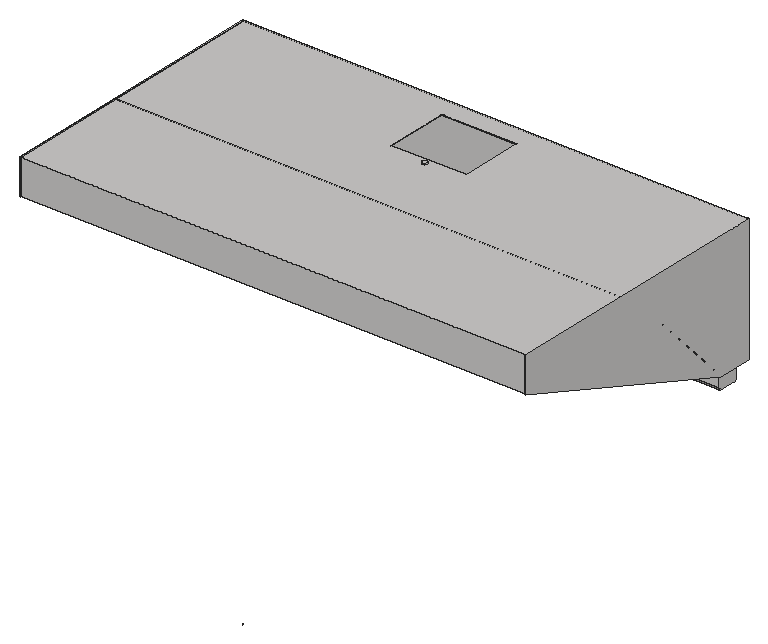
Revit family "QF_ELECTROLUXPROFESSIONAL_644214_AMPV1120DT", category Attrezzature speciali, Revit 2021
Family settings
  Quota connettore circolare = Usa diametro
  Tipo di parte = Normale
  Basato su piano di lavoro = No
  Sempre verticale = Sì
  Taglio con vuoti quando caricato = No
  Condiviso = No
  Punto di calcolo locali = No
Parameters (values of type "Standard")
  Weight = 65.00 kg
  Watts = 420 W
  Volts = 220 V
  URL Manufacturer = "https://www.electroluxprofessional.com/"
  URL = "https://www.electroluxprofessional.com/"
  Steam Supply Size = 0 mm
  Steam Supply Minimum Pressure = 0.0 Pa
  Steam Supply Maximum Pressure = 0.0 Pa
  Steam Consumption per Hour = 0
  Refrigeration Suction Line Size = 0 mm
  Refrigeration Liquid Line Size = 0 mm
  Refrigerant Compressor Remote = yes
  Prospetto di default = 0 mm
  Produttore = "Electrolux Professional"
  Phase = 1
  Modello = "AMPV1120DT"
  Length Actual = 2000 mm  # constant formula
  Item Number = "644214"
  Hot Water Size = 0 mm
  Height Actual = 500 mm  # constant formula
  HP = "0.6 HP"
  Gas Size = 0 mm
  Gas KW = 0
  Gas Input Pressure = 0 W
  Direct Waste Size = 0 mm
  Descrizione = "304 S/S WALL HOOD+FILTERS+FAN 2000X1100"
  Depth Actual = 1100 mm  # constant formula
  Cycle = 50 Hz
  Condensate Return Size = 0 mm
  Compressed Air Volume = 0.0 L/s
  Compressed Air Size = 0 mm
  Compressed Air Pressure = 0.0 Pa
  Cold Water Size = 0 mm
  Accessory = yes
Reference planes
  plane 1 "Center (Front/Back)": y = 0
  plane 2: z = 0
  plane 3 "Center (Left/Right)": x = 150
  plane 4 "LEFT": x = -850
  plane 5 "RIGHT": x = 1150
  plane 6 "BACK": y = 550
  plane 7 "FRONT": y = -550
  plane 8 "Plane": z = 2000
  plane 9 "TOP": z = 2140
  plane 10 "Base": z = 1640
  plane 11: z = 1566
  plane 12 "DrainY": y = 485
  plane 13: x = -847
  plane 14: through (0, 414.509, 1640.8) normal (0, 0.7314, 0.682)
  plane 15: y = 470
  plane 16: y = 220
  plane 17 "DrainX": x = 1030
  plane 18: x = 0
  plane 19: x = 300
  plane 20: x = 1147
  plane 21: x = 940
  plane 22: x = 1120
  plane 23: x = -810
  plane 24: x = 1110
  plane 25: x = -47.5
  plane 26: x = 347.5
  plane 27: y = 200
Forms (mm)
  Extrusion 1, solid, material "QF_Finishes_Stainless Steel"
    sketch origin (-850, 0, 0) x (0, 1, 0) y (0, 0, 1)
      loop
        line (550, 1640) -> (550, 2140) -> (-550, 2140) -> (-550, 1999.112) -> (413.973, 1640) -> (550, 1640)
    from 0 to 3
  Extrusion 2, solid, material "QF_Finishes_Stainless Steel"
    sketch origin (150, 0, 0) x (0, 1, 0) y (0, 0, 1)
      loop
        line (415.255, 1640) -> (550, 1640) -> (550, 2139.19) -> (549.2, 2139.19) -> (549.2, 1640.8) -> (415.876, 1640.8) -> (339.347, 1722.867) -> (349.609, 1732.436) -> (348.927, 1733.167) -> (337.934, 1722.917) -> (415.255, 1640)
      loop
        line (-82.203, 2139.19) -> (-82.203, 2118.6) -> (-31.047, 2118.6) -> (34.354, 2048.466) -> (46.028, 2059.352) -> (45.346, 2060.083) -> (34.403, 2049.879) -> (-30.612, 2119.6) -> (-81.203, 2119.6) -> (-81.203, 2139.19) -> (-82.203, 2139.19)
    from -997 to 997
  Extrusion 3, solid, material "QF_Finishes_Stainless Steel"
    sketch origin (1150, 0, 0) x (0, 1, 0) y (0, 0, 1)
      loop
        line (550, 1640) -> (550, 2140) -> (-550, 2140) -> (-550, 1999.112) -> (413.973, 1640) -> (550, 1640)
    from 0 to -3
  Extrusion 4, solid, material "QF_Finishes_Stainless Steel"
    sketch origin (150, 0, 0) x (0, 1, 0) y (0, 0, 1)
      loop
        line (-550, 2140) -> (-550, 2000) -> (-549.2, 2000) -> (-549.2, 2139.19) -> (550, 2139.19) -> (550, 2140) -> (-550, 2140)
    from -1000 to 1000
  Extrusion 5, solid, material "QF_Finishes_Stainless Steel"
    sketch origin (150, 0, 0) x (0, 1, 0) y (0, 0, 1)
      loop
        line (534, 1640) -> (436, 1640) -> (436, 1627) -> (443.5, 1627) -> (443.5, 1576)
        arc (443.5, 1576) -> (446.429, 1568.929) -> (453.5, 1566) r 10
        line (453.5, 1566) -> (516.5, 1566)
        arc (516.5, 1566) -> (523.571, 1568.929) -> (526.5, 1576) r 10
        line (526.5, 1576) -> (526.5, 1627) -> (534, 1627) -> (534, 1640)
    from 790 to 970
  Extrusion 6, solid, material "QF_Finishes_Stainless Steel"
    sketch origin (0, 0, 1640) x (0, 1, 0) y (-1, 0, 0)
      loop
        circle (485, -1030) r 20
    from -76 to -74
  Extrusion 7, solid, material "QF_Finished_Chrome"
    sketch origin (150, 0, 0) x (0, 1, 0) y (0, 0, 1)
      loop
        line (337.934, 1722.917) -> (341.591, 1726.327) -> (38.011, 2051.876) -> (34.354, 2048.466) -> (337.934, 1722.917)
    from -197.5 to -960
  Extrusion 8, solid, material "QF_Finishes_Stainless Steel"
    sketch origin (150, 0, 0) x (0, 1, 0) y (0, 0, 1)
      loop
        line (337.934, 1722.917) -> (341.591, 1726.327) -> (38.011, 2051.876) -> (34.354, 2048.466) -> (337.934, 1722.917)
    from 997 to 960
  Extrusion 9, solid, material "QF_Finished_Chrome"
    sketch origin (150, 0, 0) x (0, 1, 0) y (0, 0, 1)
      loop
        line (341.588, 1726.324) -> (38.009, 2051.874) -> (34.354, 2048.466) -> (337.934, 1722.917) -> (341.588, 1726.324)
    from 197.5 to 960
  Extrusion 10, void
    sketch origin (0, 0, 2140) x (0, 1, 0) y (-1, 0, 0)
      loop
        line (470, -300) -> (470, 0) -> (220, 0) -> (220, -300) -> (470, -300)
    from 0 to -10
  Extrusion 11, solid, material "QF_Finishes_Stainless Steel"
    sketch origin (0, 0, 0) x (1, 0, 0) y (0, 1, 0)
      loop
        line (-850, 550) -> (-850, 549) -> (-849, 549) -> (-849, 550) -> (-850, 550)
    from 0 to 1
  Extrusion 12, solid, material "QF_Finishes_Stainless Steel"
    sketch origin (150, 0, 0) x (0, 1, 0) y (0, 0, 1)
      loop
        line (337.934, 1722.917) -> (341.591, 1726.327) -> (38.011, 2051.876) -> (34.354, 2048.466) -> (337.934, 1722.917)
    from -960 to -997
  Extrusion 13, solid, material "QF_Finishes_Stainless Steel"
    sketch origin (150, 0, 0) x (0, 1, 0) y (0, 0, 1)
      loop
        line (337.934, 1722.917) -> (341.591, 1726.327) -> (38.011, 2051.876) -> (34.354, 2048.466) -> (337.934, 1722.917)
    from 197.5 to -197.5
  Extrusion 14, solid, material "QF_Finishes_Stainless Steel"
    sketch origin (0, 0, 2140) x (0, 1, 0) y (-1, 0, 0)
      loop
        circle (200, -150) r 10
    from 0 to 1.6
Cuts and joins
  Extrusion 10 cuts Extrusion 4
  joined: Extrusion 2, Extrusion 4
Lines and regions (mm)
  reference lines
    curve 1: line (150, 34.354, 2048.466) -> (150, 34.354, 1888.466)
  symbolic lines, style "SpecialityEquipment", detail levels coarse
    curve 2: line (1150, 550, 2140) -> (-850, 550, 2140)
    curve 3: line (-850, 550, 2140) -> (-850, -550, 2140)
    curve 4: line (1150, -550, 2140) -> (1150, 550, 2140)
    curve 5: line (-850, -550, 2140) -> (1150, -550, 2140)
    curve 6: line (300, 220, 2140) -> (0, 220, 2140)
    curve 7: line (300, 470, 2140) -> (300, 220, 2140)
    curve 8: line (0, 470, 2140) -> (300, 470, 2140)
    curve 9: line (0, 220, 2140) -> (0, 470, 2140)
    curve 10: line (-850, -550, 0) -> (1150, 550, 0)
    curve 11: line (-850, 550, 0) -> (1150, -550, 0)
Dimensions and locks
  plane 4 "LEFT" to plane 5 "RIGHT" = 2000 mm
  equal spacing: plane 4 "LEFT", plane 3 "Center (Left/Right)", plane 5 "RIGHT"
  locked: plane 8 "Plane" to level at 2000
  plane 9 "TOP" to plane 8 "Plane" = 140 mm
  locked: plane 9 "TOP" to plane 10 "Base" at 500
  plane 10 "Base" to plane 11 = 74 mm
  plane 6 "BACK" to plane 12 "DrainY" = 65 mm  (x2)
  plane 4 "LEFT" to plane 13 = 3 mm
  plane 6 "BACK" to plane 15 = 80 mm
  plane 15 to plane 16 = 250 mm  (x2)
  plane 17 "DrainX" to plane 5 "RIGHT" = 120 mm
  plane 20 to plane 5 "RIGHT" = 3 mm
  locked: plane 21 to plane 17 "DrainX" at 90
  locked: plane 17 "DrainX" to plane 22 at 90
  plane 6 "BACK" to plane 7 "FRONT" = 1100 mm  (x2)
  equal spacing: plane 6 "BACK", plane 1 "Center (Front/Back)", plane 7 "FRONT"
  plane 16 to plane 7 "FRONT" = 770 mm
  plane 15 to plane 6 "BACK" = 80 mm
  locked: plane 4 "LEFT" to plane 23 at 40
  locked: plane 24 to plane 5 "RIGHT" at 40
  locked: plane 25 to plane 26 at 395
  equal spacing: plane 25, plane 3 "Center (Left/Right)", plane 26
  locked: plane 18 to plane 19 at 300
  equal spacing: plane 18, plane 3 "Center (Left/Right)", plane 19
  plane 16 to plane 27 = 20 mm
  aligned and locked: level to plane 2
  aligned and locked: Extrusion 2 to Extrusion 1
  aligned and locked: Extrusion 2 to Extrusion 3
  aligned and locked: plane 5 "RIGHT" to Extrusion 4
  aligned and locked: Extrusion 4 to plane 4 "LEFT"
  aligned and locked: plane 20 to Extrusion 8
  aligned and locked: Extrusion 10 to plane 18
  aligned and locked: Extrusion 10 to plane 16
  aligned and locked: Extrusion 10 to plane 15
  aligned and locked: Extrusion 2 to Extrusion 4
  aligned and locked: plane 22 to Extrusion 5
  aligned and locked: Extrusion 5 to plane 21
  aligned and locked: Extrusion 8 to plane 24
  aligned and locked: Extrusion 9 to plane 24
  aligned and locked: Extrusion 7 to plane 23
  aligned and locked: Extrusion 12 to plane 13
  aligned and locked: plane 23 to Extrusion 12
  aligned and locked: Extrusion 3 to plane 20
  aligned and locked: Extrusion 10 to plane 19
  aligned and locked: plane 19 to curve 7
  aligned and locked: plane 26 to Extrusion 13
  aligned and locked: Extrusion 13 to plane 25
  aligned and locked: Extrusion 9 to plane 26
Automatic sketch dimensions
  curve 5 to plane 5 "RIGHT" = 0 mm
  curve 5 to plane 7 "FRONT" = 0 mm
  curve 6 to plane 16 = 0 mm
  plane 15 to curve 8 = 0 mm
  curve 3 to plane 4 "LEFT" = 0 mm
  curve 3 to plane 6 "BACK" = 0 mm
  curve 6 to plane 18 = 0 mm
  Extrusion 1 sketch curve to plane 7 "FRONT" = 0 mm
  Extrusion 1 sketch curve to plane 10 "Base" = 0 mm
  Extrusion 1 sketch curve to plane 6 "BACK" = 0 mm
  Extrusion 1 sketch curve to plane 9 "TOP" = 0 mm
  plane 15 to Extrusion 1 sketch curve = 56.027 mm
  Extrusion 1 sketch curve to plane 8 "Plane" = 0.888 mm
  Extrusion 2 sketch curve to plane 14 = 0 mm  (x3)
  Extrusion 2 sketch curve to plane 10 "Base" = 0 mm
  plane 14 to Extrusion 2 sketch curve = 0 mm
  Extrusion 2 sketch curve to plane 6 "BACK" = 0 mm
  Extrusion 2 sketch curve to Extrusion 2 sketch curve = 65.646 mm
  Extrusion 2 sketch curve to Extrusion 2 sketch curve = 0.682 mm  (x2)
  Extrusion 2 sketch curve to Extrusion 2 sketch curve = 10.261 mm
  plane 10 "Base" to Extrusion 2 sketch curve = 82.917 mm
  Extrusion 2 sketch curve to plane 1 "Center (Front/Back)" = 46.028 mm
  Extrusion 2 sketch curve to Extrusion 2 sketch curve = 10.942 mm
  Extrusion 2 sketch curve to Extrusion 2 sketch curve = 0.049 mm
  Extrusion 2 sketch curve to plane 9 "TOP" = 20.4 mm
  Extrusion 2 sketch curve to plane 9 "TOP" = 21.4 mm
  Extrusion 2 sketch curve to plane 9 "TOP" = 0.81 mm  (x2)
  Extrusion 2 sketch curve to Extrusion 2 sketch curve = 50.156 mm
  Extrusion 2 sketch curve to Extrusion 2 sketch curve = 1 mm
  plane 10 "Base" to Extrusion 2 sketch curve = 0.8 mm
  Extrusion 2 sketch curve to plane 6 "BACK" = 0.8 mm
  Extrusion 3 sketch curve to plane 7 "FRONT" = 0 mm
  Extrusion 3 sketch curve to plane 10 "Base" = 0 mm
  Extrusion 3 sketch curve to plane 6 "BACK" = 0 mm
  Extrusion 3 sketch curve to plane 9 "TOP" = 0 mm
  plane 15 to Extrusion 3 sketch curve = 56.027 mm
  Extrusion 3 sketch curve to plane 8 "Plane" = 0.888 mm
  Extrusion 4 sketch curve to plane 7 "FRONT" = 0 mm
  Extrusion 4 sketch curve to plane 8 "Plane" = 0 mm
  Extrusion 4 sketch curve to plane 6 "BACK" = 0 mm
  Extrusion 4 sketch curve to plane 9 "TOP" = 0 mm
  plane 7 "FRONT" to Extrusion 4 sketch curve = 0.8 mm
  Extrusion 4 sketch curve to plane 9 "TOP" = 0.81 mm
  curve 1 to plane 14 = 0 mm
  curve 1 to plane 1 "Center (Front/Back)" = 34.354 mm
  curve 1 to plane 8 "Plane" = 111.534 mm
  Extrusion 5 sketch curve to plane 10 "Base" = 0 mm
  Extrusion 5 sketch curve to plane 11 = 0 mm
  Extrusion 5 sketch curve to plane 10 "Base" = 13 mm  (x2)
  plane 15 to Extrusion 5 sketch curve = 34 mm
  Extrusion 5 sketch curve to Extrusion 5 sketch curve = 7.5 mm  (x2)
  Extrusion 5 sketch curve to Extrusion 5 sketch curve = 10 mm
  plane 12 "DrainY" to Extrusion 5 sketch curve = 31.5 mm
  Extrusion 5 sketch curve to plane 6 "BACK" = 23.5 mm
  Extrusion 6 sketch curve to plane 12 "DrainY" = 0 mm
  Extrusion 6 sketch curve to plane 17 "DrainX" = 0 mm
  Extrusion 7 sketch curve to plane 14 = 0 mm  (x2)
  Extrusion 7 sketch curve to plane 1 "Center (Front/Back)" = 34.354 mm
  Extrusion 7 sketch curve to Extrusion 7 sketch curve = 3.657 mm
  plane 10 "Base" to Extrusion 7 sketch curve = 82.917 mm
  Extrusion 8 sketch curve to plane 14 = 0 mm  (x2)
  Extrusion 8 sketch curve to plane 1 "Center (Front/Back)" = 34.354 mm
  Extrusion 8 sketch curve to Extrusion 8 sketch curve = 3.657 mm
  plane 10 "Base" to Extrusion 8 sketch curve = 82.917 mm
  Extrusion 9 sketch curve to plane 14 = 0 mm  (x2)
  Extrusion 9 sketch curve to plane 1 "Center (Front/Back)" = 34.354 mm
  Extrusion 9 sketch curve to Extrusion 9 sketch curve = 3.655 mm
  plane 10 "Base" to Extrusion 9 sketch curve = 82.917 mm
  Extrusion 10 sketch curve to plane 16 = 0 mm
  plane 15 to Extrusion 10 sketch curve = 0 mm
  Extrusion 10 sketch curve to plane 19 = 0 mm
  Extrusion 10 sketch curve to plane 18 = 0 mm
  Extrusion 11 sketch curve to plane 4 "LEFT" = 0 mm
  Extrusion 11 sketch curve to plane 6 "BACK" = 0 mm
  plane 4 "LEFT" to Extrusion 11 sketch curve = 1 mm
  Extrusion 11 sketch curve to Extrusion 11 sketch curve = 1 mm
  Extrusion 12 sketch curve to plane 14 = 0 mm  (x2)
  Extrusion 12 sketch curve to plane 1 "Center (Front/Back)" = 34.354 mm
  Extrusion 12 sketch curve to Extrusion 12 sketch curve = 3.657 mm
  plane 10 "Base" to Extrusion 12 sketch curve = 82.917 mm
  Extrusion 13 sketch curve to plane 14 = 0 mm  (x2)
  Extrusion 13 sketch curve to plane 1 "Center (Front/Back)" = 34.354 mm
  Extrusion 13 sketch curve to Extrusion 13 sketch curve = 3.657 mm
  plane 10 "Base" to Extrusion 13 sketch curve = 82.917 mm
  curve 11 to plane 4 "LEFT" = 0 mm
  curve 10 to plane 4 "LEFT" = 0 mm
  curve 11 to plane 5 "RIGHT" = 0 mm
  curve 10 to plane 5 "RIGHT" = 0 mm
  curve 11 to plane 7 "FRONT" = 0 mm
  curve 10 to plane 7 "FRONT" = 0 mm
  curve 11 to plane 6 "BACK" = 0 mm
  curve 10 to plane 6 "BACK" = 0 mm
  Extrusion 14 sketch curve to plane 3 "Center (Left/Right)" = 0 mm
  plane 27 to Extrusion 14 sketch curve = 0 mm
  radius of Extrusion 6 sketch curve = 20 mm
  radius of Extrusion 14 sketch curve = 10 mm
Connectors
  piping at (1030, 485, 1564), diameter 20
    settings: on Extrusion 6, index 1, connector inside diameter 609.6 mm, connector length 0 mm, flow factor 0, pipe flow 0.0 L/s, pressure drop 0.0 Pa, fitting loss kfactor 0, connector angle 0.00°, fixture units 0, engagement length 0 mm, angle of deflection 0.00°, flow configuration 1, flow direction 2, fitting loss method 0, system type 16, joint type 0, gender type 0, connector reference index -1, connector utility 0, adjustable connector no, is connector primary yes, connector description "Drain"
  hvac at (150, 345, 2140)
    settings: on Extrusion 10, index 2, duct flow 0.0 L/s, flow factor 0, pres drop 0.0 Pa, loss coef 0, conn angle 0.00°, conn width 250 mm, conn height 300 mm, conn diameter 609.6 mm, duct sys type 3, conn prof type 1, flow config 0, flow direction 2, loss method 0, conn ref index -1, conn util no, is conn primary yes, conn desc "EXHAUST OUTLET"
  electrical at (150, 200, 2141.6), driven by "Volts"
    settings: on Extrusion 14, index 3, voltage 220 V, apparent load 0 VA, apparent load phase1 0 VA, apparent load phase2 0 VA, apparent load phase3 0 VA, power factor 1, load classification "Other", number of poles 1, system type 30, power factor state 1, is connector primary yes, connector utility no, sub classification motor no, connector description "Electrical Connection"
